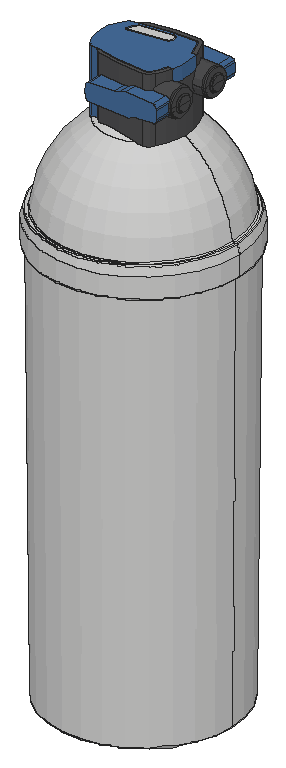
Revit family "QF_Vivreau_PURITY C1100 Quell ST Advanced", category Specialty Equipment, Revit 2020
Family settings
  Round Connector Dimension = Use Diameter
  Part Type = Normal
  OmniClass Number = 23.40.40.14.24
  OmniClass Title = Food Dispensing Equipment
  Work Plane-Based = No
  Always vertical = Yes
  Cut with Voids When Loaded = No
  Shared = No
  Room Calculation Point = No
Parameters
  Width = 0' - 7 61/256"  # constant formula
  Weight in Pounds = 16.97
  URL Cutsheet = "https://vivreauwater.com/wp-content/uploads/2024/06/Datasheet_VIVREAU_PURITY_C_Quell_ST_Advanced.pdf"
  URL = "https://vivreauwater.com/products/purity-c-quell-st-advanced/"
  Status = ""
  Specification by User [instance] = ""
  Specification by Manufacturer = "(1054240) Vivreau Purity C1100 Quell ST ADVANCED Filter Exchange cartridge, up to 3038 gallons capacity, catalytic carbon, ion exchange for scale, chloramine protection, taste & odor NSF (NET)"
  Serial Number [instance] = ""
  Seismic Rating = ""
  SMACNA No = ""
  Revision Code = ""
  Plumbing Remarks = ""
  Plumbing Connection Type = "NPT"
  NAFEM Spec ID Number = ""
  Mounting Height [instance] = 3' - 0"
  Model = "PURITY C1100 Quell ST Advanced"
  Masterspec = "Division 11"
  Manufacturer = "Vivreau"
  Item Number [instance] = ""
  Installed By [instance] = ""
  Identify Quantity as Lot = yes
  Height = 1' - 9 25/32"  # constant formula
  Furnished By [instance] = ""
  Foodservice Equipment Identifier = yes
  Description = "Water Filter"
  Depth = 0' - 7 61/256"  # constant formula
  Default Elevation = 0' - 0"
  Cold Water Temperature Recommended = 40 °F
  Cold Water Size = 1/2"
  Cold Water RI Height = 0' - 0"
  Cold Water Minimum Pressure = 29.00 psi
  Cold Water Maximum Pressure = 124.00 psi
  Cold Water Flow = 0.440 GPM
  Cold Water Connection Height = 1' - 9"
  CSI MasterFormat = "11 46 00"
  Assembly Code = "E1090320"
Reference planes (in)
  plane 1 "REF. LAYER": z = 0
  plane 2 "Center (Left/Right)": x = 2.12413
  plane 3 "Center (Front/Back)": y = -2.125
  plane 4 "Center (Bottom/Top)": z = 47.30363
  plane 5 "Center F/C": z = 57.78125
  plane 6 "Center F/G": z = 55.96271
  plane 7 "Center F/I": z = 56.87844
  plane 8 "Center F/J": x = 4.31004
  plane 9 "Center F/X": x = -1.49531
  plane 10 "Center F/Y": x = 5.74297
  plane 11 "Center F/Z": z = 36
  plane 12 "Center F/AA": y = -5.745
  plane 13 "Center F/BB": y = 1.49328
Forms (in)
  Revolve 1, solid, material "QF_Plastic-Grey-Vivreau"
    sketch origin (0, -2.125, 0) x (1, 0, 0) y (0, 0, 1)
      loop
        line (2.12357, 36) -> (5.44715, 36)
        arc (5.44715, 36) -> (5.46152, 36.00591) -> (5.46756, 36.02023) r 0.02041
        line (5.46756, 36.02023) -> (5.60042, 51.24409) -> (5.72603, 51.24409)
        arc (5.72603, 51.24409) -> (5.73989, 51.2498) -> (5.74571, 51.26361) r 0.01969
        line (5.74571, 51.26361) -> (5.73919, 52.01147) -> (5.65734, 52.31693)
        arc (5.65734, 52.31693) -> (5.64328, 52.33798) -> (5.61931, 52.34611) r 0.03937
        line (5.61931, 52.34611) -> (5.52208, 52.34611)
        arc (5.52208, 52.34611) -> (5.49849, 52.35396) -> (5.48431, 52.37437) r 0.03937
        arc (5.48431, 52.37437) -> (4.90541, 54.08272) -> (3.65003, 55.37795) r 4.10473
        arc (3.65003, 55.37795) -> (3.5128, 55.46215) -> (3.37088, 55.53818) r 2.75591
        line (3.37088, 55.53818) -> (3.02241, 55.53818) -> (3.02241, 55.96271) -> (2.12357, 55.96271) -> (2.12357, 36)
      axis (2.12357, 55.96271) -> (2.12357, 36)
    angle from 0 to 360
Lines and regions (in)
  symbolic lines
    curve 1: circle (2.12413, -2.125, 0) r 3.62 normal (0, 0, 1)
Dimensions and locks (in)
  plane 7 "Center F/I" to plane 6 "Center F/G" to plane 4 "Center (Bottom/Top)" to plane 11 "Center F/Z" = 0' - 0.91573" locked, 0' - 8.65907" locked, 0' - 11.30363" locked
  "Height": plane 5 "Center F/C" to plane 11 "Center F/Z"
  "Mounting Height": plane 11 "Center F/Z" to plane 1 "REF. LAYER"
  "Width": plane 9 "Center F/X" to plane 10 "Center F/Y"
  "Depth": plane 13 "Center F/BB" to plane 12 "Center F/AA"
  aligned and locked: level to plane 1 "REF. LAYER"
  aligned and locked: plane 3 "Center (Front/Back)" to nested 1
Automatic sketch dimensions
  curve 1 to plane 2 "Center (Left/Right)" = 0' - 0"
  plane 3 "Center (Front/Back)" to curve 1 = 0' - 0"
  Revolve 1 sketch curve to plane 6 "Center F/G" = 0' - 0"
  Revolve 1 sketch curve to plane 11 "Center F/Z" = 0' - 0"
  Revolve 1 sketch curve to plane 2 "Center (Left/Right)" = 0' - 0.72186"
  Revolve 1 sketch curve to plane 2 "Center (Left/Right)" = 0' - 0.00056"  (x2)
  plane 2 "Center (Left/Right)" to Revolve 1 sketch curve = 0' - 0.01676"
  Revolve 1 sketch curve to plane 6 "Center F/G" = 0' - 0.42452"
  plane 2 "Center (Left/Right)" to Revolve 1 sketch curve = 0' - 0.89828"
  Revolve 1 sketch curve to Revolve 1 sketch curve = 0' - 0.34847"
  plane 10 "Center F/Y" to Revolve 1 sketch curve = 0' - 0.29581"
  plane 11 "Center F/Z" to Revolve 1 sketch curve = 0' - 0.02023"
  Revolve 1 sketch curve to Revolve 1 sketch curve = 0' - 0.02041"
  plane 10 "Center F/Y" to Revolve 1 sketch curve = 0' - 0.22089"
  plane 10 "Center F/Y" to Revolve 1 sketch curve = 0' - 0.14255"
  Revolve 1 sketch curve to Revolve 1 sketch curve = 0' - 0.09723"
  Revolve 1 sketch curve to Revolve 1 sketch curve = 0' - 0.03803"
  plane 10 "Center F/Y" to Revolve 1 sketch curve = 0' - 0.01694"
  plane 10 "Center F/Y" to Revolve 1 sketch curve = 0' - 0.00378"
  Revolve 1 sketch curve to plane 10 "Center F/Y" = 0' - 0.00274"
  plane 4 "Center (Bottom/Top)" to Revolve 1 sketch curve = 0' - 3.94046"
  Revolve 1 sketch curve to Revolve 1 sketch curve = 0' - 0.01969"
  Revolve 1 sketch curve to Revolve 1 sketch curve = 0' - 3.59482"
  Revolve 1 sketch curve to Revolve 1 sketch curve = 0' - 0.74786"
  Revolve 1 sketch curve to Revolve 1 sketch curve = 0' - 0.29528"
  Revolve 1 sketch curve to Revolve 1 sketch curve = 0' - 0.01019"
  Revolve 1 sketch curve to Revolve 1 sketch curve = 0' - 0.03937"
  Revolve 1 sketch curve to Revolve 1 sketch curve = 0' - 1.12862"
  Revolve 1 sketch curve to Revolve 1 sketch curve = 0' - 0"
  plane 11 "Center F/Z" to Revolve 1 sketch curve = 0' - 1.23725"
  Revolve 1 sketch curve to Revolve 1 sketch curve = 0' - 0.80093"
  radius of curve 1 = 0' - 3.62"
Nested families (in)
  nested 1: "QF_Vivreau_ Filter Head_C1100" at (0.56167, -0.22503, 0), Mounting Height <- "Mounting Height", type "QF_Vivreau_ Filter Head_C1100"
    with Specification by User "", Serial Number "", Installed By "", Furnished By ""
Connectors (in)
  piping at (4.31004, -2.9124, 56.92578), diameter 0.5, driven by "Cold Water Size", driven by "Cold Water Flow"
    settings: on nested 1, index 1, connector inside diameter 24", connector length 0' - 0", flow factor 0, pipe flow 0.440 GPM, pressure drop 0.00 psi, fitting loss kfactor 0, connector angle 0.00°, fixture units 0, engagement length 0' - 0", angle of deflection 0.00°, flow configuration 1, flow direction 1, fitting loss method 0, system type 20, joint type 0, gender type 0, connector reference index -1, connector utility 0, adjustable connector no, is connector primary yes, connector description "Cold Water"
Definition of nested family "QF_Vivreau_ Filter Head_C1100"
  Parameters (values of type "QF_Vivreau_ Filter Head_C1100")
    Width = 3' - 0"
    Weight in Pounds = 0
    URL Cutsheet = ""
    Status = ""
    Specification by User [instance] = ""
    Specification by Manufacturer = ""
    Serial Number [instance] = ""
    Seismic Rating = ""
    SMACNA No = ""
    Revision Code = ""
    NAFEM Spec ID Number = ""
    Mounting Height [instance] = 3' - 0"
    Masterspec = ""
    Installed By [instance] = ""
    Identify Quantity as Lot = yes
    Height = 3' - 0"
    Furnished By [instance] = ""
    Foodservice Equipment Identifier = yes
    Depth = 3' - 0"
    Default Elevation = 0' - 0"
    CSI MasterFormat = ""
  Reference planes (in)
    plane 1 "BACK": y = 0
    plane 2 "REF. LAYER": z = 0
    plane 3 "LEFT": x = 0
    plane 4 "Center F/C": x = 3.74837
    plane 5 "Center F/D": y = -3.83618
    plane 6 "Center F/E": z = 56.92578
    plane 7 "Center F/F": z = 57.78067
    plane 8 "Center F/G": z = 55.35685
    plane 9 "Center F/H": z = 56.45244
    plane 10 "Center F/I": z = 57.28053
    plane 11 "Center F/J": y = -1.89997
    plane 12 "Center F/Q": z = 36
    plane 13 "Center F/R": z = 57.63786
  Forms (in)
    Extrusion 1, solid
      sketch origin (-0.56167, 0.22503, 0) x (1, 0, 0) y (0, 1, 0)
        loop
          arc (3.17939, -3.30146) -> (3.22697, -3.28602) -> (3.25911, -3.24769) r 0.09059
          arc (3.25911, -3.24769) -> (3.55796, -2.125) -> (3.25911, -1.00231) r 2.25819
          arc (3.25911, -1.00231) -> (3.22697, -0.96398) -> (3.17939, -0.94854) r 0.09059
          arc (3.17939, -0.94854) -> (2.02567, -0.99526) -> (0.89165, -1.21272) r 7.75678
          arc (0.89165, -1.21272) -> (0.86179, -1.21999) -> (0.83702, -1.2382) r 0.07824
          arc (0.83702, -1.2382) -> (0.56167, -2.125) -> (0.83702, -3.0118) r 1.56569
          arc (0.83702, -3.0118) -> (0.86179, -3.03001) -> (0.89165, -3.03728) r 0.07824
          arc (0.89165, -3.03728) -> (2.02567, -3.25474) -> (3.17939, -3.30146) r 7.75678
      from 55.35685 to 57.78067
    Revolve 2, solid
      sketch origin (-16.04659, -180, 56.92578) x (-1, 0, 0) y (0, -1, 0)
        loop
          line (-19.59812, -178.88743) -> (-18.72075, -178.88743) -> (-18.7668, -178.36111) -> (-19.59812, -178.37562) -> (-19.59812, -178.88743)
        axis (-18.72075, -178.88743) -> (-19.59812, -178.88743)
      angle from 0 to 360
    Revolve 3, solid
      sketch origin (-16.04659, -180, 56.92578) x (-1, 0, 0) y (0, -1, 0)
        loop
          line (-19.59812, -177.31262) -> (-18.72075, -177.31262) -> (-18.7668, -176.7863) -> (-19.59812, -176.80081) -> (-19.59812, -177.31262)
        axis (-18.72075, -177.31262) -> (-19.59812, -177.31262)
      angle from 0 to 360
    Extrusion 4, void
      sketch origin (-0.56167, 0.22503, 0) x (0, 1, 0) y (0, 0, 1)
        loop
          circle (-2.125, 56.39429) r 0.20757
      from 3.17075 to 3.70744
    Extrusion 5, void
      sketch origin (-2.8954, 0.22503, 0) x (0, 1, 0) y (0, 0, 1)
        loop
          circle (-2.125, 56.39429) r 0.20757
      from 2.77402 to 3.28855
    Revolve 6, solid
      sketch origin (-16.04659, -180, 56.92578) x (-1, 0, 0) y (0, -1, 0)
        loop
          line (-19.59812, -178.88743) -> (-19.59812, -178.41499) -> (-19.69654, -178.41499) -> (-19.69654, -178.58034) -> (-19.73591, -178.58379) -> (-19.73591, -178.63349) -> (-19.79497, -178.63349) -> (-19.79497, -178.88743) -> (-19.59812, -178.88743)
        axis (-19.59812, -178.88743) -> (-19.79497, -178.88743)
      angle from 0 to 360
    Revolve 7, solid
      sketch origin (-16.04659, -180, 56.92578) x (-1, 0, 0) y (0, -1, 0)
        loop
          line (-19.59812, -177.31262) -> (-19.59812, -176.84018) -> (-19.69654, -176.84018) -> (-19.69654, -177.00554) -> (-19.73591, -177.00898) -> (-19.73591, -177.05869) -> (-19.79497, -177.05869) -> (-19.79497, -177.31262) -> (-19.59812, -177.31262)
        axis (-19.59812, -177.31262) -> (-19.79497, -177.31262)
      angle from 0 to 360
    Extrusion 8, solid
      sketch origin (0, 0, 0) x (0, 1, 0) y (0, 0, 1)
        loop
          circle (-1.89997, 56.39429) r 0.20757
        loop
          circle (-1.89997, 56.39429) r 0.14507
      from 2.60908 to 3.01441
    Extrusion 9, solid
      sketch origin (-2.62125, 0, 0) x (0, 1, 0) y (0, 0, 1)
        loop
          circle (-1.89997, 56.39429) r 0.20757
        loop
          circle (-1.89997, 56.39429) r 0.14507
      from 2.60908 to 3.01441
    Extrusion 10, solid
      sketch origin (0, 0, 21.16016) x (1, 0, 0) y (0, 1, 0)
        loop
          arc (2.61773, -0.72352) -> (2.65703, -0.73399) -> (2.68778, -0.7606) r 0.09059
          arc (2.68778, -0.7606) -> (2.99629, -1.89997) -> (2.68778, -3.03935) r 2.25819
          arc (2.68778, -3.03935) -> (2.65703, -3.06596) -> (2.61773, -3.07643) r 0.09059
          arc (2.61773, -3.07643) -> (1.60555, -3.04475) -> (0.60613, -2.88147) r 7.75678
          arc (0.60613, -2.88147) -> (0.72009, -2.98959) -> (0.8462, -3.08325) r 1.30616
          arc (0.8462, -3.08325) -> (1.72654, -3.2138) -> (2.6163, -3.23254) r 7.05821
          arc (2.6163, -3.23254) -> (2.77551, -3.16312) -> (2.87152, -3.01839) r 0.30684
          arc (2.87152, -3.01839) -> (3.18694, -1.89997) -> (2.87152, -0.78156) r 2.14057
          arc (2.87152, -0.78156) -> (2.77551, -0.63683) -> (2.6163, -0.5674) r 0.30684
          arc (2.6163, -0.5674) -> (1.72654, -0.58614) -> (0.8462, -0.7167) r 7.05821
          arc (0.8462, -0.7167) -> (0.72009, -0.81036) -> (0.60613, -0.91847) r 1.30616
          arc (0.60613, -0.91847) -> (1.60555, -0.7552) -> (2.61773, -0.72352) r 7.75678
      from 34.19669 to 36.62051
    Extrusion 11, void
      sketch origin (0, 0, 21.16016) x (1, 0, 0) y (0, 1, 0)
        loop
          arc (2.92876, -1.35185) -> (2.99629, -1.89997) -> (2.92876, -2.4481) r 2.25819
          line (2.92876, -2.4481) -> (3.11557, -2.4481)
          arc (3.11557, -2.4481) -> (3.18694, -1.89997) -> (3.11557, -1.35185) r 2.14057
          line (3.11557, -1.35185) -> (2.92876, -1.35185)
      from 36.62051 to 36.12038
    Extrusion 12, solid
      sketch origin (0, 0, 14.26953) x (1, 0, 0) y (0, 1, 0)
        loop
          arc (0.70049, -1.02146) -> (0.59462, -1.21203) -> (0.51669, -1.41563) r 1.54109
          arc (0.51669, -1.41563) -> (0.54, -1.44367) -> (0.57618, -1.44818) r 0.04958
          arc (0.57618, -1.44818) -> (1.21574, -1.31536) -> (1.86503, -1.24405) r 6.85047
          arc (1.86503, -1.24405) -> (2.03249, -1.03201) -> (1.82552, -0.85833) r 0.19395
          arc (1.82552, -0.85833) -> (1.26009, -0.91975) -> (0.70049, -1.02146) r 7.94315
      from 43.36833 to 43.51113
    Extrusion 13, solid
      sketch origin (0, 0, 21.16016) x (1, 0, 0) y (0, 1, 0)
        loop
          arc (3.11557, -2.4481) -> (3.18694, -1.89997) -> (3.11557, -1.35185) r 2.14057
          line (3.11557, -1.35185) -> (2.92876, -1.35185)
          arc (2.92876, -1.35185) -> (2.99629, -1.89997) -> (2.92876, -2.4481) r 2.25819
          line (2.92876, -2.4481) -> (3.11557, -2.4481)
      from 36.12038 to 36.62051
    Extrusion 14, void
      sketch origin (0, 0, 18.24219) x (1, 0, 0) y (0, 1, 0)
        loop
          arc (0.57618, -1.44818) -> (1.21574, -1.31536) -> (1.86503, -1.24405) r 6.85047
          arc (1.86503, -1.24405) -> (2.03249, -1.03201) -> (1.82552, -0.85833) r 0.19395
          arc (1.82552, -0.85833) -> (1.26009, -0.91975) -> (0.70049, -1.02146) r 7.94315
          arc (0.70049, -1.02146) -> (0.59462, -1.21203) -> (0.51669, -1.41563) r 1.54109
          arc (0.51669, -1.41563) -> (0.54, -1.44367) -> (0.57618, -1.44818) r 0.04958
      from 39.39567 to 39.53848
  Cuts and joins
    Extrusion 4, Extrusion 5, Extrusion 14 cuts Extrusion 1
    joined: Extrusion 1, Extrusion 13
    Extrusion 11 cuts Extrusion 10
  Lines and regions (in)
    symbolic lines
      curve 1: arc (0.32999, -2.81225, 0) -> (1.464, -3.02972, 0) -> (2.61773, -3.07643, 0) r 7.75678
      curve 2: arc (2.61773, -3.07643, 0) -> (2.6653, -3.061, 0) -> (2.69744, -3.02266, 0) r 0.09059
      curve 3: arc (2.69744, -3.02266, 0) -> (2.99629, -1.89997, 0) -> (2.69744, -0.77728, 0) r 2.25819
      curve 4: arc (2.69744, -0.77728, 0) -> (2.6653, -0.73895, 0) -> (2.61773, -0.72352, 0) r 0.09059
      curve 5: arc (2.61773, -0.72352, 0) -> (1.464, -0.77023, 0) -> (0.32999, -0.9877, 0) r 7.75678
      curve 6: arc (0.32999, -0.9877, 0) -> (0.30012, -0.99496, 0) -> (0.27535, -1.01317, 0) r 0.07824
      curve 7: arc (0.27535, -1.01317, 0) -> (0, -1.89997, 0) -> (0.27535, -2.78678, 0) r 1.56569
      curve 8: arc (0.27535, -2.78678, 0) -> (0.30012, -2.80499, 0) -> (0.32999, -2.81225, 0) r 0.07824
      curve 9: line (3.74837, -2.94131, 0) -> (3.68932, -2.94131, 0)
      curve 10: arc (0.85161, -0.6986, 0) -> (0.82653, -0.78661, 0) -> (0.80424, -0.87538, 0) r 2.89017
      curve 11: arc (0.85161, -0.6986, 0) -> (0.87512, -0.61425, 0) -> (0.90582, -0.53225, 0) r 1.0142
      curve 12: arc (0.90582, -0.53225, 0) -> (0.95826, -0.37458, 0) -> (1.01402, -0.21806, 0) r 7.87402
      curve 13: arc (1.01402, -0.21806, 0) -> (1.03304, -0.19156, 0) -> (1.06321, -0.17918, 0) r 0.05912
      curve 14: arc (1.06321, -0.17918, 0) -> (2.22788, -0.07327, 0) -> (3.39529, -0.1428, 0) r 7.79531
      curve 15: arc (3.39529, -0.1428, 0) -> (3.42859, -0.1583, 0) -> (3.44724, -0.18996, 0) r 0.0619
      curve 16: arc (3.44724, -0.18996, 0) -> (3.48188, -0.39473, 0) -> (3.50801, -0.60076, 0) r 5.02104
      curve 17: line (3.64995, -0.64013, 0) -> (3.55152, -0.64013, 0)
      curve 18: line (3.55152, -0.64013, 0) -> (3.55152, -0.60076, 0)
      curve 19: line (3.55152, -0.60076, 0) -> (3.50801, -0.60076, 0)
      curve 20: line (3.55152, -0.64013, 0) -> (3.55152, -1.62438, 0)
      curve 21: line (3.55152, -1.62438, 0) -> (2.98062, -1.63435, 0)
      curve 22: line (3.64995, -1.58501, 0) -> (3.55152, -1.58501, 0)
      curve 23: line (3.64995, -1.58501, 0) -> (3.64995, -0.64013, 0)
      curve 24: line (3.68932, -1.41621, 0) -> (3.64995, -1.41966, 0)
      curve 25: line (3.68932, -1.41621, 0) -> (3.68932, -0.80849, 0)
      curve 26: line (3.74837, -0.85864, 0) -> (3.68932, -0.85864, 0)
      curve 27: line (3.74837, -0.85864, 0) -> (3.74837, -1.36651, 0)
      curve 28: line (3.74837, -1.36651, 0) -> (3.68932, -1.36651, 0)
      curve 29: line (3.64995, -3.15982, 0) -> (3.55152, -3.15982, 0)
      curve 30: line (3.55152, -3.15982, 0) -> (3.55152, -3.19919, 0)
      curve 31: line (3.55152, -3.19919, 0) -> (3.50801, -3.19919, 0)
      curve 32: line (3.55152, -3.15982, 0) -> (3.55152, -2.17556, 0)
      curve 33: line (3.64995, -2.21493, 0) -> (3.55152, -2.21493, 0)
      curve 34: line (3.64995, -2.21493, 0) -> (3.64995, -3.15982, 0)
      curve 35: line (3.68932, -2.38373, 0) -> (3.64995, -2.38029, 0)
      curve 36: line (3.68932, -2.38373, 0) -> (3.68932, -2.99146, 0)
      curve 37: line (3.74837, -2.94131, 0) -> (3.68932, -2.94131, 0)
      curve 38: line (3.74837, -2.94131, 0) -> (3.74837, -2.43344, 0)
      curve 39: line (3.74837, -2.43344, 0) -> (3.68932, -2.43344, 0)
      curve 40: arc (0.85161, -3.10135, 0) -> (0.82653, -3.01334, 0) -> (0.80424, -2.92457, 0) r 2.89017
      curve 41: arc (0.85161, -3.10135, 0) -> (0.87512, -3.1857, 0) -> (0.90582, -3.2677, 0) r 1.0142
      curve 42: arc (0.90582, -3.2677, 0) -> (0.95826, -3.42537, 0) -> (1.01402, -3.58189, 0) r 7.87402
      curve 43: arc (1.01402, -3.58189, 0) -> (1.03304, -3.60839, 0) -> (1.06321, -3.62077, 0) r 0.05912
      curve 44: arc (1.06321, -3.62077, 0) -> (2.22788, -3.72667, 0) -> (3.39529, -3.65715, 0) r 7.79531
      curve 45: arc (3.39529, -3.65715, 0) -> (3.42859, -3.64164, 0) -> (3.44724, -3.60999, 0) r 0.0619
      curve 46: arc (3.44724, -3.60999, 0) -> (3.48188, -3.40522, 0) -> (3.50801, -3.19919, 0) r 5.02104
      curve 47: line (3.55152, -3.15982, 0) -> (3.55152, -3.19919, 0)
      curve 48: line (3.55152, -3.19919, 0) -> (3.50801, -3.19919, 0)
      curve 49: line (3.55152, -3.15982, 0) -> (3.55152, -2.17556, 0)
      curve 50: line (3.55152, -2.17556, 0) -> (2.98062, -2.1656, 0)
      curve 51: line (0, 0, 0) -> (3.74837, 0, 0)
      curve 52: line (0, -1.89997, 0) -> (2.99629, -1.89997, 0)
      curve 53: line (3.64995, -0.80549, 0) -> (3.68932, -0.80849, 0)
      curve 54: line (3.64995, -2.99446, 0) -> (3.68932, -2.99146, 0)
  Dimensions and locks (in)
    plane 7 "Center F/F" to plane 10 "Center F/I" to plane 6 "Center F/E" to plane 9 "Center F/H" to plane 8 "Center F/G" = 0' - 0.50013" locked, 0' - 0.35475" locked, 0' - 0.47334" locked, 0' - 1.09559" locked
    plane 5 "Center F/D" to plane 11 "Center F/J" to plane 1 "BACK" = 0' - 1.93621" locked, 0' - 1.89997" locked
    locked: plane 6 "Center F/E" to nested 1 at 0.05953
    locked: plane 8 "Center F/G" to plane 12 "Center F/Q" at 19.35685
    "Mounting Height": plane 12 "Center F/Q" to plane 2 "REF. LAYER"
    locked: plane 7 "Center F/F" to plane 13 "Center F/R" at 0.14281
    aligned and locked: level to plane 2 "REF. LAYER"
    aligned and locked: plane 7 "Center F/F" to cut or joined group of Extrusion 1, Extrusion 4, Extrusion 5, Extrusion 13, Extrusion 14
    aligned and locked: cut or joined group of Extrusion 1, Extrusion 4, Extrusion 5, Extrusion 13, Extrusion 14 to plane 8 "Center F/G"
    aligned and locked: nested 1 to plane 11 "Center F/J"
    aligned and locked: plane 11 "Center F/J" to nested 1
    aligned and locked: Extrusion 10 to plane 8 "Center F/G"
    aligned and locked: plane 7 "Center F/F" to Extrusion 10
    aligned and locked: Extrusion 13 to plane 10 "Center F/I"
    aligned and locked: Extrusion 11 to plane 10 "Center F/I"
    aligned and locked: plane 7 "Center F/F" to Extrusion 13
    aligned and locked: plane 7 "Center F/F" to Extrusion 11
    aligned and locked: Extrusion 12 to plane 13 "Center F/R"
    aligned and locked: plane 7 "Center F/F" to Extrusion 12
    aligned and locked: Extrusion 14 to plane 13 "Center F/R"
    aligned and locked: plane 7 "Center F/F" to Extrusion 14
  Automatic sketch dimensions
    curve 51 to level = 0' - 0"
    curve 51 to plane 3 "LEFT" = 0' - 0"
    curve 51 to plane 4 "Center F/C" = 0' - 0"
    curve 52 to plane 3 "LEFT" = 0' - 0"
    plane 11 "Center F/J" to curve 3 = 0' - 0"
    plane 11 "Center F/J" to curve 7 = 0' - 0"
    plane 11 "Center F/J" to curve 52 = 0' - 0"
    curve 39 to plane 4 "Center F/C" = 0' - 0"
    curve 28 to plane 4 "Center F/C" = 0' - 0"
    curve 16 to plane 3 "LEFT" = 0' - 1.48511"
    curve 46 to plane 3 "LEFT" = 0' - 1.48511"
    plane 3 "LEFT" to curve 8 = 0' - 0.33318"
    plane 3 "LEFT" to curve 6 = 0' - 0.33318"
    curve 52 to curve 3 = 0' - 0.7381"
    plane 1 "BACK" to curve 13 = 0' - 0.23795"
    plane 3 "LEFT" to curve 13 = 0' - 1.0697"
    curve 43 to plane 5 "Center F/D" = 0' - 0.27418"
    plane 3 "LEFT" to curve 43 = 0' - 1.0697"
    curve 3 to curve 7 = 0' - 0.82759"
    curve 7 to curve 11 = 0' - 0.27372"
    curve 7 to curve 41 = 0' - 0.27372"
    curve 14 to plane 4 "Center F/C" = 0' - 1.39888"
    curve 44 to plane 4 "Center F/C" = 0' - 1.39888"
    curve 44 to curve 1 = 0' - 0.00431"
    curve 14 to curve 5 = 0' - 0.00431"
    curve 41 to curve 2 = 0' - 0.77523"
    curve 11 to curve 4 = 0' - 0.77523"
    plane 1 "BACK" to curve 15 = 0' - 0.20414"
    curve 15 to plane 4 "Center F/C" = 0' - 0.36139"
    curve 45 to plane 4 "Center F/C" = 0' - 0.36139"
    curve 48 to plane 4 "Center F/C" = 0' - 0.24036"
    curve 19 to plane 4 "Center F/C" = 0' - 0.24036"
    curve 16 to curve 19 = 0' - 0.04351"
    curve 31 to curve 48 = 0' - 0.04351"
    curve 22 to curve 10 = 0' - 0.0667"
    curve 33 to curve 40 = 0' - 0.0667"
    curve 17 to curve 17 = 0' - 0.09843"
    curve 29 to curve 34 = 0' - 0.09843"
    curve 24 to curve 25 = 0' - 0.03937"
    curve 35 to curve 35 = 0' - 0.03937"
    plane 1 "BACK" to curve 42 = 0' - 0.86161"
    plane 4 "Center F/C" to curve 42 = 0' - 4.65484"
    curve 12 to plane 5 "Center F/D" = 0' - 0.89785"
    curve 12 to curve 42 = 0' - 0"
    curve 45 to plane 5 "Center F/D" = 0' - 0.24037"
    plane 5 "Center F/D" to curve 14 = 0' - 4.03145"
    curve 5 to curve 14 = 0' - 0.60817"
    curve 45 to curve 47 = 0' - 0.39662"
    curve 30 to curve 34 = 0' - 0.03937"
    curve 29 to curve 36 = 0' - 0.16836"
    curve 2 to plane 5 "Center F/D" = 0' - 0.85029"
    curve 36 to curve 9 = 0' - 0.05014"
    curve 2 to curve 41 = 0' - 0.11446"
    plane 11 "Center F/J" to curve 8 = 0' - 0.8341"
    plane 11 "Center F/J" to curve 46 = 0' - 0.77047"
    curve 9 to curve 39 = 0' - 0.50787"
    curve 39 to curve 36 = 0' - 0.04971"
    curve 35 to curve 40 = 0' - 0.11843"
    curve 40 to curve 34 = 0' - 0.05037"
    curve 33 to curve 49 = 0' - 0.03937"
    curve 21 to plane 11 "Center F/J" = 0' - 0.27559"
    curve 20 to curve 22 = 0' - 0.03937"
    curve 22 to curve 10 = 0' - 0.05037"
    curve 10 to curve 24 = 0' - 0.11843"
    curve 24 to curve 27 = 0' - 0.04971"
    curve 16 to plane 11 "Center F/J" = 0' - 0.77047"
    curve 6 to plane 11 "Center F/J" = 0' - 0.8341"
    plane 1 "BACK" to curve 11 = 0' - 0.92852"
    curve 27 to curve 26 = 0' - 0.50787"
    curve 11 to curve 4 = 0' - 0.11446"
    curve 26 to curve 25 = 0' - 0.05014"
    curve 25 to curve 17 = 0' - 0.16836"
    curve 17 to curve 19 = 0' - 0.03937"
    curve 44 to plane 1 "BACK" = 0' - 4.06768"
    curve 44 to curve 1 = 0' - 0.60817"
    curve 8 to curve 8 = 0' - 0.05783"
    curve 6 to curve 6 = 0' - 0.05783"
    curve 7 to curve 6 = 0' - 0.05464"
    curve 8 to curve 8 = 0' - 0.05464"
    curve 8 to curve 40 = 0' - 0.47425"
    curve 5 to curve 10 = 0' - 0.47425"
    curve 40 to curve 40 = 0' - 0.04737"
    curve 10 to curve 10 = 0' - 0.04737"
    curve 10 to curve 11 = 0' - 0.05421"
    curve 41 to curve 41 = 0' - 0.05421"
    curve 43 to curve 43 = 0' - 0.05568"
    curve 12 to curve 13 = 0' - 0.05568"
    curve 43 to curve 43 = 0' - 0.00649"
    curve 13 to curve 13 = 0' - 0.00649"
    curve 4 to curve 5 = 0' - 0"
    curve 2 to curve 1 = 0' - 0"
    curve 2 to curve 2 = 0' - 0.08279"
    curve 21 to plane 11 "Center F/J" = 0' - 0 17/64"
    plane 11 "Center F/J" to curve 50 = 0' - 0 17/64"
    curve 15 to curve 14 = 0' - 0"
    curve 45 to curve 44 = 0' - 0"
    curve 54 to curve 36 = 0' - 0.00301"
    curve 35 to curve 35 = 0' - 0.00344"
    curve 24 to curve 24 = 0' - 0.00344"
    curve 25 to curve 53 = 0' - 0.00301"
    plane 11 "Center F/J" to Extrusion 1 sketch curve = 0' - 0"  (x2)
    plane 3 "LEFT" to Extrusion 1 sketch curve = 0' - 0.33318"  (x2)
    plane 3 "LEFT" to Extrusion 1 sketch curve = 0' - 0.7381"
    Extrusion 1 sketch curve to Extrusion 1 sketch curve = 0' - 0.82759"
    Extrusion 1 sketch curve to plane 4 "Center F/C" = 0' - 1.39457"  (x2)
    Extrusion 1 sketch curve to plane 4 "Center F/C" = 0' - 1.13373"  (x2)
    plane 11 "Center F/J" to Extrusion 1 sketch curve = 0' - 0.8341"
    Extrusion 1 sketch curve to plane 5 "Center F/D" = 0' - 0.85029"
    plane 5 "Center F/D" to Extrusion 1 sketch curve = 0' - 4.63962"
    Extrusion 1 sketch curve to plane 11 "Center F/J" = 0' - 0.8341"
    plane 1 "BACK" to Extrusion 1 sketch curve = 0' - 0.81406"
    Extrusion 1 sketch curve to plane 1 "BACK" = 0' - 4.67585"
    Extrusion 1 sketch curve to Extrusion 1 sketch curve = 0' - 0.0032"  (x2)
    Extrusion 1 sketch curve to Extrusion 1 sketch curve = 0' - 0.05464"  (x2)
    Extrusion 1 sketch curve to Extrusion 1 sketch curve = 0' - 0.00308"  (x2)
    Extrusion 1 sketch curve to Extrusion 1 sketch curve = 0' - 0"
    Extrusion 1 sketch curve to Extrusion 1 sketch curve = 0' - 0.08279"
    Revolve 2 sketch curve to plane 4 "Center F/C" = 0' - 0.19685"
    Revolve 2 sketch curve to plane 11 "Center F/J" = 0' - 0.26108"
    Revolve 2 sketch curve to Revolve 2 sketch curve = 0' - 0.83132"
    Revolve 2 sketch curve to Revolve 2 sketch curve = 0' - 0.04605"
    Revolve 2 sketch curve to plane 11 "Center F/J" = 0' - 0.27559"
    Revolve 2 sketch curve to Revolve 2 sketch curve = 0' - 0.52632"
    Revolve 2 sketch curve to Revolve 2 sketch curve = 0' - 0"  (x3)
    Revolve 3 sketch curve to plane 4 "Center F/C" = 0' - 0.19685"
    Revolve 3 sketch curve to Revolve 3 sketch curve = 0' - 0.83132"
    Revolve 3 sketch curve to Revolve 3 sketch curve = 0' - 0.04605"
    plane 11 "Center F/J" to Revolve 3 sketch curve = 0' - 0.7874"
    Revolve 3 sketch curve to Revolve 3 sketch curve = 0' - 0.51181"
    Revolve 3 sketch curve to Revolve 3 sketch curve = 0' - 0.52632"
    Revolve 3 sketch curve to Revolve 3 sketch curve = 0' - 0"  (x3)
    Extrusion 4 sketch curve to plane 11 "Center F/J" = 0' - 0"
    Extrusion 4 sketch curve to plane 9 "Center F/H" = 0' - 0.05816"
    Extrusion 5 sketch curve to plane 11 "Center F/J" = 0' - 0"
    Extrusion 5 sketch curve to plane 9 "Center F/H" = 0' - 0.05816"
    Revolve 6 sketch curve to plane 4 "Center F/C" = 0' - 0"
    Revolve 6 sketch curve to plane 4 "Center F/C" = 0' - 0.05906"
    Revolve 6 sketch curve to Revolve 6 sketch curve = 0' - 0.03937"
    Revolve 6 sketch curve to Revolve 6 sketch curve = 0' - 0.09843"
    Revolve 6 sketch curve to plane 11 "Center F/J" = 0' - 0.7874"
    Revolve 6 sketch curve to Revolve 6 sketch curve = 0' - 0.25394"
    Revolve 6 sketch curve to Revolve 6 sketch curve = 0' - 0.04971"
    Revolve 6 sketch curve to Revolve 6 sketch curve = 0' - 0.00344"
    Revolve 6 sketch curve to Revolve 6 sketch curve = 0' - 0.16535"
    Revolve 6 sketch curve to Revolve 6 sketch curve = 0' - 0.0902"
    Revolve 6 sketch curve to Revolve 6 sketch curve = 0' - 0"  (x2)
    Revolve 7 sketch curve to plane 4 "Center F/C" = 0' - 0"
    Revolve 7 sketch curve to plane 4 "Center F/C" = 0' - 0.05906"
    Revolve 7 sketch curve to Revolve 7 sketch curve = 0' - 0.03937"
    Revolve 7 sketch curve to Revolve 7 sketch curve = 0' - 0.09843"
    plane 11 "Center F/J" to Revolve 7 sketch curve = 0' - 0.7874"
    Revolve 7 sketch curve to Revolve 7 sketch curve = 0' - 0.25394"
    Revolve 7 sketch curve to Revolve 7 sketch curve = 0' - 0.04971"
    Revolve 7 sketch curve to Revolve 7 sketch curve = 0' - 0.00344"
    Revolve 7 sketch curve to Revolve 7 sketch curve = 0' - 0.16535"
    Revolve 7 sketch curve to Revolve 7 sketch curve = 0' - 0.0902"
    Revolve 7 sketch curve to Revolve 7 sketch curve = 0' - 0"  (x2)
    Extrusion 8 sketch curve to Extrusion 8 sketch curve = 0' - 0"  (x6)
    Extrusion 8 sketch curve to plane 11 "Center F/J" = 0' - 0"
    Extrusion 8 sketch curve to plane 9 "Center F/H" = 0' - 0.05816"
    Extrusion 8 sketch curve to Extrusion 8 sketch curve = 0' - 0.14507"
    Extrusion 9 sketch curve to Extrusion 9 sketch curve = 0' - 0"  (x6)
    Extrusion 9 sketch curve to plane 11 "Center F/J" = 0' - 0"
    Extrusion 9 sketch curve to plane 9 "Center F/H" = 0' - 0.05816"
    Extrusion 9 sketch curve to Extrusion 9 sketch curve = 0' - 0.14507"
    plane 11 "Center F/J" to Extrusion 10 sketch curve = 0' - 0"  (x2)
    plane 3 "LEFT" to Extrusion 10 sketch curve = 0' - 0.7381"
    Extrusion 10 sketch curve to Extrusion 10 sketch curve = 0' - 0.30827"
    plane 11 "Center F/J" to Extrusion 10 sketch curve = 0' - 0.08971"
    Extrusion 10 sketch curve to Extrusion 10 sketch curve = 0' - 0.5141"
    Extrusion 10 sketch curve to Extrusion 10 sketch curve = 0' - 0"  (x3)
    Extrusion 10 sketch curve to plane 4 "Center F/C" = 0' - 1.42862"  (x2)
    Extrusion 10 sketch curve to Extrusion 10 sketch curve = 0' - 0.03406"  (x2)
    Extrusion 10 sketch curve to plane 4 "Center F/C" = 0' - 1.1701"  (x2)
    Extrusion 10 sketch curve to Extrusion 10 sketch curve = 0' - 0.03637"  (x2)
    Extrusion 10 sketch curve to plane 5 "Center F/D" = 0' - 0.90812"
    Extrusion 10 sketch curve to Extrusion 10 sketch curve = 0' - 0.05782"  (x2)
    plane 5 "Center F/D" to Extrusion 10 sketch curve = 0' - 3.78319"
    Extrusion 10 sketch curve to Extrusion 10 sketch curve = 0' - 0.85642"  (x2)
    Extrusion 10 sketch curve to plane 11 "Center F/J" = 0' - 0.08971"
    plane 1 "BACK" to Extrusion 10 sketch curve = 0' - 0.87188"
    Extrusion 10 sketch curve to plane 1 "BACK" = 0' - 3.81943"
    plane 3 "LEFT" to Extrusion 10 sketch curve = 0' - 0.60613"  (x2)
    Extrusion 10 sketch curve to Extrusion 10 sketch curve = 0' - 0.24007"  (x2)
    Extrusion 10 sketch curve to Extrusion 10 sketch curve = 0' - 0.00166"  (x2)
    Extrusion 10 sketch curve to Extrusion 10 sketch curve = 0' - 0.00308"  (x2)
    Extrusion 10 sketch curve to Extrusion 10 sketch curve = 0' - 0.07006"
    Extrusion 10 sketch curve to Extrusion 10 sketch curve = 0' - 0.18374"
    plane 11 "Center F/J" to Extrusion 11 sketch curve = 0' - 0"  (x2)
    plane 3 "LEFT" to Extrusion 11 sketch curve = 0' - 0.7381"
    Extrusion 11 sketch curve to Extrusion 11 sketch curve = 0' - 0.30827"
    Extrusion 11 sketch curve to plane 4 "Center F/C" = 0' - 0.81961"
    Extrusion 11 sketch curve to plane 11 "Center F/J" = 0' - 0.54813"
    Extrusion 11 sketch curve to Extrusion 11 sketch curve = 0' - 0"
    Extrusion 11 sketch curve to Extrusion 11 sketch curve = 0' - 0.18681"
    plane 3 "LEFT" to Extrusion 12 sketch curve = 0' - 0.5638"
    Extrusion 12 sketch curve to Extrusion 12 sketch curve = 0' - 1.27575"
    Extrusion 12 sketch curve to plane 11 "Center F/J" = 0' - 0.03665"
    Extrusion 12 sketch curve to Extrusion 12 sketch curve = 0' - 0.15177"
    Extrusion 12 sketch curve to plane 4 "Center F/C" = 0' - 1.46099"
    Extrusion 12 sketch curve to Extrusion 12 sketch curve = 0' - 0.11254"
    plane 5 "Center F/D" to Extrusion 12 sketch curve = 0' - 4.2453"
    Extrusion 12 sketch curve to Extrusion 12 sketch curve = 0' - 0 179/256"
    Extrusion 12 sketch curve to plane 11 "Center F/J" = 0' - 0.4998"
    Extrusion 12 sketch curve to Extrusion 12 sketch curve = 0' - 0.81155"
    Extrusion 12 sketch curve to Extrusion 12 sketch curve = 0' - 0.04711"
    Extrusion 12 sketch curve to Extrusion 12 sketch curve = 0' - 0.01238"
    Extrusion 12 sketch curve to Extrusion 12 sketch curve = 0' - 0"  (x2)
    Extrusion 12 sketch curve to Extrusion 12 sketch curve = 0' - 0.13669"
    plane 11 "Center F/J" to Extrusion 13 sketch curve = 0' - 0"  (x2)
    plane 3 "LEFT" to Extrusion 13 sketch curve = 0' - 0.7381"
    Extrusion 13 sketch curve to Extrusion 13 sketch curve = 0' - 0.30827"
    Extrusion 13 sketch curve to plane 4 "Center F/C" = 0' - 0.81961"
    plane 11 "Center F/J" to Extrusion 13 sketch curve = 0' - 0.54813"
    Extrusion 13 sketch curve to Extrusion 13 sketch curve = 0' - 0"
    Extrusion 13 sketch curve to Extrusion 13 sketch curve = 0' - 0.18681"
    plane 3 "LEFT" to Extrusion 14 sketch curve = 0' - 0.5638"
    Extrusion 14 sketch curve to Extrusion 14 sketch curve = 0' - 1.27575"
    Extrusion 14 sketch curve to plane 11 "Center F/J" = 0' - 0.03665"
    Extrusion 14 sketch curve to Extrusion 14 sketch curve = 0' - 0.15177"
    Extrusion 14 sketch curve to plane 4 "Center F/C" = 0' - 1.46099"
    Extrusion 14 sketch curve to Extrusion 14 sketch curve = 0' - 0.11254"
    plane 5 "Center F/D" to Extrusion 14 sketch curve = 0' - 4.2453"
    Extrusion 14 sketch curve to Extrusion 14 sketch curve = 0' - 0 179/256"
    Extrusion 14 sketch curve to plane 11 "Center F/J" = 0' - 0.4998"
    Extrusion 14 sketch curve to Extrusion 14 sketch curve = 0' - 0.81155"
    Extrusion 14 sketch curve to Extrusion 14 sketch curve = 0' - 0.04711"
    Extrusion 14 sketch curve to Extrusion 14 sketch curve = 0' - 0.01238"
    Extrusion 14 sketch curve to Extrusion 14 sketch curve = 0' - 0"  (x2)
    Extrusion 14 sketch curve to Extrusion 14 sketch curve = 0' - 0.13669"
    radius of Extrusion 4 sketch curve = 0' - 0.20757"
    radius of Extrusion 5 sketch curve = 0' - 0.20757"
    radius of Extrusion 8 sketch curve = 0' - 0.20757"
    radius of Extrusion 9 sketch curve = 0' - 0.20757"
  Nested families (in)
    nested 1: "QF_Vivreau_Filter Handles" at (0, 0.00348, 56.45253), type "QF_Vivreau_Filter Handles"
      with Specification by User "", Serial Number "", Installed By "", Furnished By ""
  Definition of nested family "QF_Vivreau_Filter Handles"
    Parameters (values of type "QF_Vivreau_Filter Handles")
      Width = 3' - 0"
      Weight in Pounds = 0
      URL Cutsheet = ""
      Status = ""
      Specification by User [instance] = ""
      Specification by Manufacturer = ""
      Serial Number [instance] = ""
      Seismic Rating = ""
      SMACNA No = ""
      Revision Code = ""
      NAFEM Spec ID Number = ""
      Masterspec = ""
      Installed By [instance] = ""
      Identify Quantity as Lot = yes
      Height = 3' - 0"
      Furnished By [instance] = ""
      Foodservice Equipment Identifier = yes
      Depth = 3' - 0"
      Default Elevation = 0' - 0"
      CSI MasterFormat = ""
    Reference planes (in)
      plane 1 "BACK": y = 0
      plane 2 "REF. LAYER": z = 0
      plane 3 "LEFT": x = 0
      plane 4 "Center F/C": y = -3.80691
      plane 5 "Center F/D": y = -1.90346
      plane 6 "Center F/E": z = 0.82744
      plane 7 "Center F/G": z = 0.41372
    Forms (in)
      Extrusion 1, solid
        sketch origin (0, 0, 0.00057) x (1, 0, 0) y (0, 0, 1)
          loop
            arc (0.8571, 0.55383) -> (0.83682, 0.35511) -> (0.85692, 0.15637) r 0.98817
            arc (0.85692, 0.15637) -> (0.86589, 0.12276) -> (0.88395, 0.09303) r 0.12237
            arc (0.88395, 0.09303) -> (0.93471, 0.05225) -> (0.99753, 0.03515) r 0.15952
            arc (0.99753, 0.03515) -> (1.67538, 0.00582) -> (2.35383, -0.00057) r 20.04898
            arc (2.35383, -0.00057) -> (2.46018, 0.01423) -> (2.5591, 0.056) r 0.41198
            arc (2.5591, 0.056) -> (2.66038, 0.09965) -> (2.76926, 0.11724) r 0.44816
            arc (2.76926, 0.11724) -> (2.80698, 0.11798) -> (2.84471, 0.11743) r 1.0994
            arc (2.84471, 0.11743) -> (3.11065, 0.13237) -> (3.37687, 0.14075) r 10.80002
            arc (3.37687, 0.14075) -> (3.46417, 0.17008) -> (3.51799, 0.24481) r 0.15034
            arc (3.51799, 0.24481) -> (3.52598, 0.27307) -> (3.53184, 0.30184) r 0.39378
            arc (3.53184, 0.30184) -> (3.5372, 0.4622) -> (3.53184, 0.62256) r 2.40126
            arc (3.53184, 0.62256) -> (3.52497, 0.65354) -> (3.51681, 0.6842) r 0.75395
            arc (3.51681, 0.6842) -> (3.46404, 0.75745) -> (3.37897, 0.78767) r 0.1515
            line (3.37897, 0.78767) -> (2.35397, 0.82744)
            arc (2.35397, 0.82744) -> (2.24358, 0.81406) -> (2.14136, 0.77028) r 0.39277
            arc (2.14136, 0.77028) -> (2.03449, 0.72381) -> (1.91904, 0.70788) r 0.42817
            arc (1.91904, 0.70788) -> (1.45811, 0.69557) -> (0.99753, 0.67361) r 21.98526
            arc (0.99753, 0.67361) -> (0.93424, 0.65729) -> (0.88352, 0.61606) r 0.1531
            arc (0.88352, 0.61606) -> (0.86721, 0.58626) -> (0.8571, 0.55383) r 0.17143
        from 0.08356 to 0.9172
      Extrusion 2, solid
        sketch origin (0, -2.80616, 0.00057) x (1, 0, 0) y (0, 0, 1)
          loop
            arc (0.8571, 0.55383) -> (0.83682, 0.35511) -> (0.85692, 0.15637) r 0.98817
            arc (0.85692, 0.15637) -> (0.86589, 0.12276) -> (0.88395, 0.09303) r 0.12237
            arc (0.88395, 0.09303) -> (0.93471, 0.05225) -> (0.99753, 0.03515) r 0.15952
            arc (0.99753, 0.03515) -> (1.67538, 0.00582) -> (2.35383, -0.00057) r 20.04898
            arc (2.35383, -0.00057) -> (2.46018, 0.01423) -> (2.5591, 0.056) r 0.41198
            arc (2.5591, 0.056) -> (2.66038, 0.09965) -> (2.76926, 0.11724) r 0.44816
            arc (2.76926, 0.11724) -> (2.80698, 0.11798) -> (2.84471, 0.11743) r 1.0994
            arc (2.84471, 0.11743) -> (3.11065, 0.13237) -> (3.37687, 0.14075) r 10.80002
            arc (3.37687, 0.14075) -> (3.46417, 0.17008) -> (3.51799, 0.24481) r 0.15034
            arc (3.51799, 0.24481) -> (3.52598, 0.27307) -> (3.53184, 0.30184) r 0.39378
            arc (3.53184, 0.30184) -> (3.5372, 0.4622) -> (3.53184, 0.62256) r 2.40126
            arc (3.53184, 0.62256) -> (3.52497, 0.65354) -> (3.51681, 0.6842) r 0.75395
            arc (3.51681, 0.6842) -> (3.46404, 0.75745) -> (3.37897, 0.78767) r 0.1515
            line (3.37897, 0.78767) -> (2.35397, 0.82744)
            arc (2.35397, 0.82744) -> (2.24358, 0.81406) -> (2.14136, 0.77028) r 0.39277
            arc (2.14136, 0.77028) -> (2.03449, 0.72381) -> (1.91904, 0.70788) r 0.42817
            arc (1.91904, 0.70788) -> (1.45811, 0.69557) -> (0.99753, 0.67361) r 21.98526
            arc (0.99753, 0.67361) -> (0.93424, 0.65729) -> (0.88352, 0.61606) r 0.1531
            arc (0.88352, 0.61606) -> (0.86721, 0.58626) -> (0.8571, 0.55383) r 0.17143
        from 0.08356 to 0.9172
    Lines and regions (in)
      symbolic lines
        curve 1: line (1.75, -1.90346, 0) -> (3.5, -1.90346, 0)
        curve 2: line (0.83856, 0, 0.41372) -> (3.5367, 0, 0.41372)
    Dimensions and locks (in)
      locked: plane 6 "Center F/E" to plane 2 "REF. LAYER" at 0.82744
      equal spacing: plane 6 "Center F/E", plane 7 "Center F/G", plane 2 "REF. LAYER"
      aligned and locked: level to plane 2 "REF. LAYER"
    Automatic sketch dimensions
      curve 2 to plane 7 "Center F/G" = 0' - 0"
      plane 3 "LEFT" to curve 2 = 0' - 0.83856"
      curve 2 to curve 2 = 0' - 2.69814"
      curve 1 to plane 5 "Center F/D" = 0' - 0"
      plane 3 "LEFT" to curve 1 = 0' - 1 3/4"
      curve 1 to curve 1 = 0' - 1 3/4"
      Extrusion 1 sketch curve to level = 0' - 0"  (x2)
      level to Extrusion 1 sketch curve = 0' - 0.17134"
      plane 3 "LEFT" to Extrusion 1 sketch curve = 0' - 0.97844"
      plane 7 "Center F/G" to Extrusion 1 sketch curve = 0' - 0.10746"
      Extrusion 1 sketch curve to Extrusion 1 sketch curve = 0' - 0.02478"
      Extrusion 1 sketch curve to Extrusion 1 sketch curve = 0' - 0.02868"
      Extrusion 1 sketch curve to Extrusion 1 sketch curve = 0' - 0.02179"
      plane 7 "Center F/G" to Extrusion 1 sketch curve = 0' - 0.04905"
      Extrusion 1 sketch curve to Extrusion 1 sketch curve = 0' - 0.11092"
      Extrusion 1 sketch curve to plane 7 "Center F/G" = 0' - 0.05849"
      Extrusion 1 sketch curve to Extrusion 1 sketch curve = 0' - 0.68906"
      Extrusion 1 sketch curve to Extrusion 1 sketch curve = 0' - 0.09378"
      plane 3 "LEFT" to Extrusion 1 sketch curve = 0' - 2.20319"
      plane 3 "LEFT" to Extrusion 1 sketch curve = 0' - 2.27513"
      plane 7 "Center F/G" to Extrusion 1 sketch curve = 0' - 0.0216"
      Extrusion 1 sketch curve to Extrusion 1 sketch curve = 0' - 0.52056"
      Extrusion 1 sketch curve to plane 7 "Center F/G" = 0' - 0.00175"
      Extrusion 1 sketch curve to Extrusion 1 sketch curve = 0' - 0.00519"
      plane 6 "Center F/E" to Extrusion 1 sketch curve = 0' - 0.00057"
      Extrusion 1 sketch curve to Extrusion 1 sketch curve = 0' - 0.00842"
      Extrusion 1 sketch curve to Extrusion 1 sketch curve = 0' - 0.43503"
      plane 7 "Center F/G" to Extrusion 1 sketch curve = 0' - 0.06185"
      Extrusion 1 sketch curve to Extrusion 1 sketch curve = 0' - 0.44173"
      Extrusion 1 sketch curve to Extrusion 1 sketch curve = 0' - 0.02398"
      Extrusion 1 sketch curve to plane 7 "Center F/G" = 0' - 0.04717"
      Extrusion 1 sketch curve to Extrusion 1 sketch curve = 0' - 0.35084"
      Extrusion 1 sketch curve to Extrusion 1 sketch curve = 0' - 0.22978"
      Extrusion 1 sketch curve to Extrusion 1 sketch curve = 0' - 0.23163"
      Extrusion 1 sketch curve to plane 6 "Center F/E" = 0' - 0.0392"
      Extrusion 1 sketch curve to Extrusion 1 sketch curve = 0' - 0.00587"
      plane 3 "LEFT" to Extrusion 1 sketch curve = 0' - 3.58344"
      Extrusion 1 sketch curve to level = 0' - 0.33005"
      Extrusion 1 sketch curve to Extrusion 1 sketch curve = 0' - 0.6508"
      Extrusion 1 sketch curve to Extrusion 1 sketch curve = 0' - 9.67588"
      Extrusion 1 sketch curve to Extrusion 1 sketch curve = 0' - 10 79/128"
      Extrusion 1 sketch curve to Extrusion 1 sketch curve = 0' - 0.0236"
      Extrusion 1 sketch curve to plane 7 "Center F/G" = 0' - 0.12208"
      Extrusion 1 sketch curve to Extrusion 1 sketch curve = 0' - 0.00134"
      Extrusion 1 sketch curve to Extrusion 1 sketch curve = 0' - 0.15138"
      plane 6 "Center F/E" to Extrusion 1 sketch curve = 0' - 0.30918"
      Extrusion 1 sketch curve to Extrusion 1 sketch curve = 1' - 6.91181"
      level to Extrusion 1 sketch curve = 0' - 0.09359"
      Extrusion 1 sketch curve to Extrusion 1 sketch curve = 0' - 0"  (x5)
      Extrusion 1 sketch curve to Extrusion 1 sketch curve = 0' - 0.1197"
      Extrusion 1 sketch curve to Extrusion 1 sketch curve = 0' - 0.02642"
      Extrusion 1 sketch curve to Extrusion 1 sketch curve = 0' - 0.11401"
      Extrusion 1 sketch curve to plane 6 "Center F/E" = 0' - 0.11899"
      Extrusion 1 sketch curve to Extrusion 1 sketch curve = 0' - 0.07545"
      level to Extrusion 1 sketch curve = 0' - 0.14131"
      Extrusion 1 sketch curve to plane 6 "Center F/E" = 0' - 0.14267"
      Extrusion 1 sketch curve to Extrusion 1 sketch curve = 0' - 0.01385"
      Extrusion 2 sketch curve to level = 0' - 0"  (x2)
      level to Extrusion 2 sketch curve = 0' - 0.17134"
      plane 3 "LEFT" to Extrusion 2 sketch curve = 0' - 0.97844"
      plane 7 "Center F/G" to Extrusion 2 sketch curve = 0' - 0.10746"
      Extrusion 2 sketch curve to Extrusion 2 sketch curve = 0' - 0.02478"
      Extrusion 2 sketch curve to Extrusion 2 sketch curve = 0' - 0.02868"
      Extrusion 2 sketch curve to Extrusion 2 sketch curve = 0' - 0.02179"
      plane 7 "Center F/G" to Extrusion 2 sketch curve = 0' - 0.04905"
      Extrusion 2 sketch curve to Extrusion 2 sketch curve = 0' - 0.11092"
      Extrusion 2 sketch curve to plane 7 "Center F/G" = 0' - 0.05849"
      Extrusion 2 sketch curve to Extrusion 2 sketch curve = 0' - 0.68906"
      Extrusion 2 sketch curve to Extrusion 2 sketch curve = 0' - 0.09378"
      plane 3 "LEFT" to Extrusion 2 sketch curve = 0' - 2.20319"
      plane 3 "LEFT" to Extrusion 2 sketch curve = 0' - 2.27513"
      plane 7 "Center F/G" to Extrusion 2 sketch curve = 0' - 0.0216"
      Extrusion 2 sketch curve to Extrusion 2 sketch curve = 0' - 0.52056"
      Extrusion 2 sketch curve to plane 7 "Center F/G" = 0' - 0.00175"
      Extrusion 2 sketch curve to Extrusion 2 sketch curve = 0' - 0.00519"
      plane 6 "Center F/E" to Extrusion 2 sketch curve = 0' - 0.00057"
      Extrusion 2 sketch curve to Extrusion 2 sketch curve = 0' - 0.00842"
      Extrusion 2 sketch curve to Extrusion 2 sketch curve = 0' - 0.43503"
      plane 7 "Center F/G" to Extrusion 2 sketch curve = 0' - 0.06185"
      Extrusion 2 sketch curve to Extrusion 2 sketch curve = 0' - 0.44173"
      Extrusion 2 sketch curve to Extrusion 2 sketch curve = 0' - 0.02398"
      Extrusion 2 sketch curve to plane 7 "Center F/G" = 0' - 0.04717"
      Extrusion 2 sketch curve to Extrusion 2 sketch curve = 0' - 0.35084"
      Extrusion 2 sketch curve to Extrusion 2 sketch curve = 0' - 0.22978"
      Extrusion 2 sketch curve to Extrusion 2 sketch curve = 0' - 0.23163"
      Extrusion 2 sketch curve to plane 6 "Center F/E" = 0' - 0.0392"
      Extrusion 2 sketch curve to Extrusion 2 sketch curve = 0' - 0.00587"
      plane 3 "LEFT" to Extrusion 2 sketch curve = 0' - 3.58344"
      Extrusion 2 sketch curve to level = 0' - 0.33005"
      Extrusion 2 sketch curve to Extrusion 2 sketch curve = 0' - 0.6508"
      Extrusion 2 sketch curve to Extrusion 2 sketch curve = 0' - 9.67588"
      Extrusion 2 sketch curve to Extrusion 2 sketch curve = 0' - 10 79/128"
      Extrusion 2 sketch curve to Extrusion 2 sketch curve = 0' - 0.0236"
      Extrusion 2 sketch curve to plane 7 "Center F/G" = 0' - 0.12208"
      Extrusion 2 sketch curve to Extrusion 2 sketch curve = 0' - 0.00134"
      Extrusion 2 sketch curve to Extrusion 2 sketch curve = 0' - 0.15138"
      plane 6 "Center F/E" to Extrusion 2 sketch curve = 0' - 0.30918"
      Extrusion 2 sketch curve to Extrusion 2 sketch curve = 1' - 6.91181"
      level to Extrusion 2 sketch curve = 0' - 0.09359"
      Extrusion 2 sketch curve to Extrusion 2 sketch curve = 0' - 0"  (x5)
      Extrusion 2 sketch curve to Extrusion 2 sketch curve = 0' - 0.1197"
      Extrusion 2 sketch curve to Extrusion 2 sketch curve = 0' - 0.02642"
      Extrusion 2 sketch curve to Extrusion 2 sketch curve = 0' - 0.11401"
      Extrusion 2 sketch curve to plane 6 "Center F/E" = 0' - 0.11899"
      Extrusion 2 sketch curve to Extrusion 2 sketch curve = 0' - 0.07545"
      level to Extrusion 2 sketch curve = 0' - 0.14131"
      Extrusion 2 sketch curve to plane 6 "Center F/E" = 0' - 0.14267"
      Extrusion 2 sketch curve to Extrusion 2 sketch curve = 0' - 0.01385"
